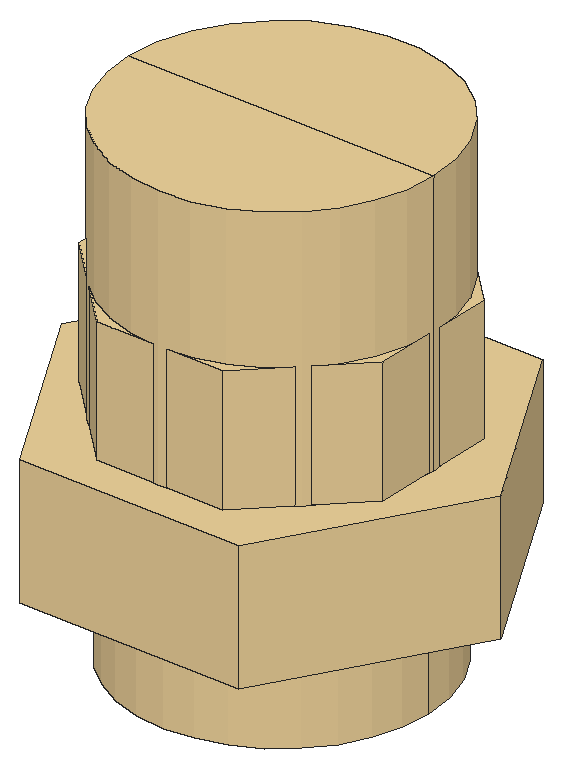
Revit family "R20sp", category Pipe Accessories, Revit 2025
Family settings
  Round Connector Dimension = Use Diameter
  Part Type = Normal
  Work Plane-Based = Yes
  Always vertical = No
  Cut with Voids When Loaded = No
  Shared = Yes
Parameters (values of type "G 1-1/2”M x R 1-1/2”")
  Series = "R20SP"
  R3 = 24.5 mm
  R2 = 23.6 mm
  R1 = 22.6 mm
  Nut dimension 2 = 48.8 mm
  Nut Dimension 1 = 60.8 mm
  Model = "G 1-1/2”M x R 1-1/2”"
  Manufacturer = "Giacomini"  # constant formula
  Height = 40.4 mm
  H5 = 14.8 mm
  H4 = 62.7 mm
  H2 = 6.7 mm
  H1 = 20.5 mm
  Default Elevation = 1219.2 mm
  Code = "R20SPY007"
Types (4, lengths in mm): name | Series | R3 | R2 | Nut dimension 2 | Nut Dimension 1 | Model | Height | H5 | H4 | H1 | Code
  (no name) | "R20SP" | 24.5 | 23.6 | 48.8 | 60.8 | "G 1-1/2”M x R 1-1/2”" | 40.4 | 14.8 | 62.7 | 20.5 | "R20SPY007"
  G 1-1/2”M x R 1-1/2” | "R20SP" | 24.5 | 23.6 | 48.8 | 60.8 | "G 1-1/2”M x R 1-1/2”" | 40.4 | 14.8 | 62.7 | 20.5 | "R20SPY007"
  G 2”M x R 2” | "R20SP" | 30.5 | 29.7 | 61.8 | 81.8 | "G 2”M x R 2”" | 40.6 | 16.3 | 66.7 | 20.5 | "R20SPY008"
  G 1-1/4”M x G 1-1/4”M | "R20DL" | 20.85 | 20 | 41.7 | 52.8 | "G 1-1/4”M x G 1-1/4”M" | 27.9 | 48.5 | 75.2 | 17.5 | "R20DY016"
Reference planes
  plane 1 "Center (Front/Back)": y = 0
  plane 2: z = 0
  plane 3 "Center (Left/Right)": x = 0
  plane 4: z = 20.5
  plane 5: z = 40.4
Forms (mm)
  Extrusion 1, solid, material "Brass - Giacomini"
    sketch origin (0, 0, 0) x (1, 0, 0) y (0, 1, 0)
      loop
        line (-17.551, 30.4) -> (-35.103, 0) -> (-17.551, -30.4) -> (17.551, -30.4) -> (35.103, 0) -> (17.551, 30.4) -> (-17.551, 30.4)
    from 0 to 20.5
  Extrusion 2, solid, material "Brass - Giacomini"
    sketch origin (0, 0, 0) x (1, 0, 0) y (0, 1, 0)
      loop
        line (-10.107, 24.4) -> (-24.4, 10.107) -> (-24.4, -10.107) -> (-10.107, -24.4) -> (10.107, -24.4) -> (24.4, -10.107) -> (24.4, 10.107) -> (10.107, 24.4) -> (-10.107, 24.4)
    from 20.5 to 40.4
  Revolve 3, solid, material "Brass - Giacomini"
    sketch origin (0, 0, 0) x (1, 0, 0) y (0, 0, 1)
      loop
        line (24.5, 0) -> (24.5, 62.7) -> (0, 62.7) -> (0, -14.8) -> (23.6, -14.8) -> (23.6, 0) -> (24.5, 0)
      axis (0, 62.7) -> (0, -14.8)
    angle from 0 to 360
Dimensions and locks
  equal spacing: Extrusion 1 sketch curve, plane 3 "Center (Left/Right)", Extrusion 1 sketch curve  (x2)
  "Nut Dimension 1": Extrusion 1 sketch curve to Extrusion 1 sketch curve  (x3)
  equal spacing: Extrusion 1 sketch curve, plane 1 "Center (Front/Back)", Extrusion 1 sketch curve
  "H1": plane 4 to level
  "Height": plane 5 to level
  "R2": Revolve 3 sketch curve to Revolve 3 sketch curve
  "H4": Revolve 3 sketch curve to level
  "H5": Revolve 3 sketch curve to Revolve 3 sketch curve
  "R3": Revolve 3 sketch curve to Revolve 3 sketch curve
  equal spacing: Extrusion 2 sketch curve, plane 1 "Center (Front/Back)", Extrusion 2 sketch curve
  "Nut dimension 2": Extrusion 2 sketch curve to Extrusion 2 sketch curve  (x4)
  equal spacing: Extrusion 2 sketch curve, plane 3 "Center (Left/Right)", Extrusion 2 sketch curve  (x3)
  locked: Extrusion 1 sketch curve to Extrusion 1 sketch curve (angle 120.00°)  (x3)
  locked: Extrusion 2 sketch curve to Extrusion 2 sketch curve (angle 135.00°)  (x4)
  aligned and locked: level to plane 2
  aligned and locked: Extrusion 1 to level
  aligned and locked: plane 4 to Extrusion 1
  aligned and locked: Extrusion 2 to plane 4
  aligned and locked: plane 5 to Extrusion 2
  aligned and locked: plane 3 "Center (Left/Right)" to Revolve 3 sketch curve
  aligned and locked: Revolve 3 sketch curve to Revolve 3 sketch curve
  aligned and locked: level to Revolve 3 sketch curve
Automatic sketch dimensions
  Revolve 3 sketch curve to Revolve 3 sketch curve = 0.73 mm
  Revolve 3 sketch curve to Revolve 3 sketch curve = 13.922 mm
